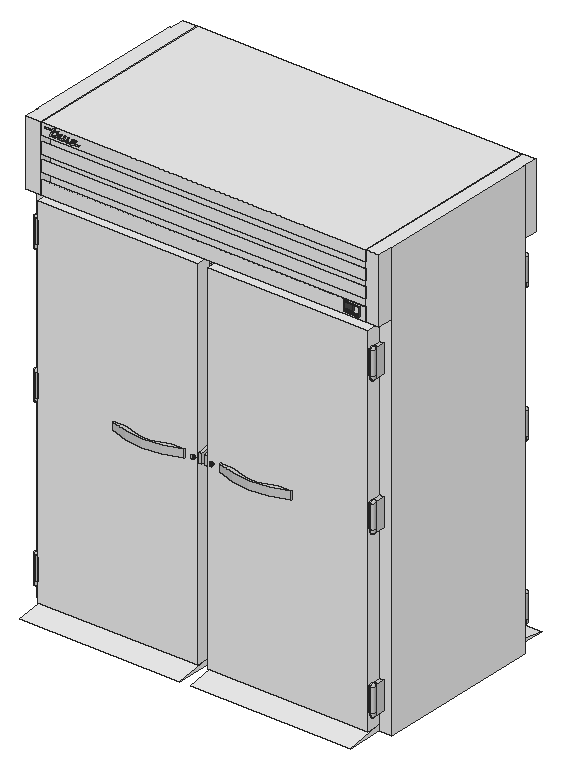
Revit family (continued)
Automatic sketch dimensions
  Extrusion 9 sketch curve to plane 4 "RIGHT" = 6.9933"
  Extrusion 9 sketch curve to Extrusion 9 sketch curve = 1/16"  (x4)
  Extrusion 9 sketch curve to Extrusion 9 sketch curve = 0.1375"  (x3)
  Extrusion 9 sketch curve to Extrusion 9 sketch curve = 1/4"  (x4)
  Extrusion 9 sketch curve to Extrusion 9 sketch curve = 0.44601"
  Extrusion 9 sketch curve to Extrusion 9 sketch curve = 1/2"  (x2)
  Extrusion 9 sketch curve to Extrusion 9 sketch curve = 0.0035"
  Extrusion 9 sketch curve to Extrusion 9 sketch curve = 1.06923"
  plane 11 to Extrusion 9 sketch curve = 1.74114"
  Extrusion 9 sketch curve to Extrusion 9 sketch curve = 0.26876"  (x2)
  Extrusion 9 sketch curve to Extrusion 9 sketch curve = 0"  (x2)
  Extrusion 9 sketch curve to Extrusion 9 sketch curve = 0.34106"
  Extrusion 9 sketch curve to Extrusion 9 sketch curve = 1"
  Extrusion 10 sketch curve to plane 4 "RIGHT" = 3 1/4"
  Extrusion 10 sketch curve to plane 6 "TOP" = 2 1/8"
  Blend 11 sketch curve to plane 9 = 1"
  Blend 11 sketch curve to plane 9 = 1/4"
  Blend 11 sketch curve to plane 11 = 32.41456"
  Blend 11 sketch curve to Blend 11 sketch curve = 1 3/4"
  plane 9 to Blend 11 sketch curve = 1"
  plane 9 to Blend 11 sketch curve = 0.06777"
  plane 11 to Blend 11 sketch curve = 34.76215"
  Blend 11 sketch curve to Blend 11 sketch curve = 2.78233"
  Extrusion 12 sketch curve to plane 5 "FRONT" = 1/2"
  Extrusion 12 sketch curve to Extrusion 12 sketch curve = 0.43503"
  Extrusion 12 sketch curve to Extrusion 12 sketch curve = 0.20453"
  Extrusion 12 sketch curve to Extrusion 12 sketch curve = 1.61044"
  Extrusion 12 sketch curve to plane 11 = 2.97896"
  Extrusion 12 sketch curve to Extrusion 12 sketch curve = 4.39928"
  Extrusion 12 sketch curve to Extrusion 12 sketch curve = 0.71221"
  Revolve 13 sketch curve to plane 5 "FRONT" = 0.07771"  (x2)
  Revolve 13 sketch curve to Revolve 13 sketch curve = 0.38242"
  Revolve 13 sketch curve to Revolve 13 sketch curve = 0.38436"
  Revolve 13 sketch curve to plane 5 "FRONT" = 31/64"
  Revolve 13 sketch curve to Revolve 13 sketch curve = 0.40666"
  Revolve 13 sketch curve to Revolve 13 sketch curve = 0"
  Revolve 13 sketch curve to plane 11 = 2.16117"
  Revolve 13 sketch curve to Revolve 13 sketch curve = 0.55526"
  Revolve 13 sketch curve to Revolve 13 sketch curve = 0.19474"
  Revolve 13 sketch curve to Revolve 13 sketch curve = 0.14649"
  Revolve 13 sketch curve to Revolve 13 sketch curve = 4.42889"
  Revolve 13 sketch curve to Revolve 13 sketch curve = 0.05342"
  Revolve 13 sketch curve to Revolve 13 sketch curve = 0.51246"
  Revolve 13 sketch curve to Revolve 13 sketch curve = 0.05889"
  Extrusion 14 sketch curve to plane 4 "RIGHT" = 1.91491"
  Extrusion 14 sketch curve to Extrusion 14 sketch curve = 0.39759"
  Extrusion 14 sketch curve to plane 11 = 3.05655"
  Extrusion 14 sketch curve to Extrusion 14 sketch curve = 4.47281"
  Extrusion 15 sketch curve to plane 5 "FRONT" = 1/2"
  Extrusion 15 sketch curve to Extrusion 15 sketch curve = 0.43503"
  Extrusion 15 sketch curve to Extrusion 15 sketch curve = 0.20453"
  Extrusion 15 sketch curve to Extrusion 15 sketch curve = 1.61044"
  Extrusion 15 sketch curve to plane 11 = 29.35396"
  Extrusion 15 sketch curve to Extrusion 15 sketch curve = 4.39928"
  Extrusion 15 sketch curve to Extrusion 15 sketch curve = 0.71221"
  Revolve 16 sketch curve to plane 5 "FRONT" = 0.07771"  (x2)
  Revolve 16 sketch curve to Revolve 16 sketch curve = 0.38242"
  Revolve 16 sketch curve to Revolve 16 sketch curve = 0.38436"
  Revolve 16 sketch curve to plane 5 "FRONT" = 31/64"
  Revolve 16 sketch curve to Revolve 16 sketch curve = 0.40666"
  Revolve 16 sketch curve to Revolve 16 sketch curve = 0"
  Revolve 16 sketch curve to plane 11 = 28.53617"
  Revolve 16 sketch curve to Revolve 16 sketch curve = 0.55526"
  Revolve 16 sketch curve to Revolve 16 sketch curve = 0.19474"
  Revolve 16 sketch curve to Revolve 16 sketch curve = 0.14649"
  Revolve 16 sketch curve to Revolve 16 sketch curve = 4.42889"
  Revolve 16 sketch curve to Revolve 16 sketch curve = 0.05342"
  Revolve 16 sketch curve to Revolve 16 sketch curve = 0.51246"
  Revolve 16 sketch curve to Revolve 16 sketch curve = 0.05889"
  Extrusion 17 sketch curve to plane 4 "RIGHT" = 1.91491"
  Extrusion 17 sketch curve to Extrusion 17 sketch curve = 0.39759"
  Extrusion 17 sketch curve to plane 11 = 29.43155"
  Extrusion 17 sketch curve to Extrusion 17 sketch curve = 4.47281"
  Extrusion 18 sketch curve to plane 5 "FRONT" = 1/2"
  Extrusion 18 sketch curve to Extrusion 18 sketch curve = 0.43503"
  Extrusion 18 sketch curve to Extrusion 18 sketch curve = 0.20453"
  Extrusion 18 sketch curve to Extrusion 18 sketch curve = 1.61044"
  level to Extrusion 18 sketch curve = 9.05229"
  Extrusion 18 sketch curve to Extrusion 18 sketch curve = 4.39928"
  Extrusion 18 sketch curve to Extrusion 18 sketch curve = 0.71221"
  Revolve 19 sketch curve to plane 5 "FRONT" = 0.07771"  (x2)
  Revolve 19 sketch curve to Revolve 19 sketch curve = 0.38242"
  Revolve 19 sketch curve to Revolve 19 sketch curve = 0.38436"
  Revolve 19 sketch curve to plane 5 "FRONT" = 31/64"
  Revolve 19 sketch curve to Revolve 19 sketch curve = 0.40666"
  Revolve 19 sketch curve to Revolve 19 sketch curve = 0"
  level to Revolve 19 sketch curve = 9.87008"
  Revolve 19 sketch curve to Revolve 19 sketch curve = 0.55526"
  Revolve 19 sketch curve to Revolve 19 sketch curve = 0.19474"
  Revolve 19 sketch curve to Revolve 19 sketch curve = 0.14649"
  Revolve 19 sketch curve to Revolve 19 sketch curve = 4.42889"
  Revolve 19 sketch curve to Revolve 19 sketch curve = 0.05342"
  Revolve 19 sketch curve to Revolve 19 sketch curve = 0.51246"
  Revolve 19 sketch curve to Revolve 19 sketch curve = 0.05889"
  Extrusion 20 sketch curve to plane 4 "RIGHT" = 1.91491"
  Extrusion 20 sketch curve to Extrusion 20 sketch curve = 0.39759"
  level to Extrusion 20 sketch curve = 8.9747"
  Extrusion 20 sketch curve to Extrusion 20 sketch curve = 4.47281"
  Extrusion 21 sketch curve to level = 0"
  level to Extrusion 21 sketch curve = 1"
  Extrusion 21 sketch curve to plane 5 "FRONT" = 2 3/4"
  plane 5 "FRONT" to Extrusion 21 sketch curve = 4 1/8"
  Extrusion 22 sketch curve to plane 11 = 0"  (x2)
  level to Extrusion 22 sketch curve = 1"  (x2)
  Extrusion 22 sketch curve to plane 4 "RIGHT" = 2 5/16"
  Extrusion 22 sketch curve to plane 9 = 1"
  plane 9 to Extrusion 22 sketch curve = 1"
  Extrusion 22 sketch curve to plane 7 = 17/32"
  plane 9 to Extrusion 23 sketch curve = 1.7609"
  Extrusion 23 sketch curve to Extrusion 23 sketch curve = 0.02035"
  Extrusion 23 sketch curve to Extrusion 23 sketch curve = 0.0555"
  Extrusion 23 sketch curve to plane 11 = 33.0699"
  Extrusion 23 sketch curve to Extrusion 23 sketch curve = 0.27385"
  Extrusion 23 sketch curve to Extrusion 23 sketch curve = 0.29355"
  plane 9 to Blend 24 sketch curve = 1"  (x2)
  plane 9 to Blend 24 sketch curve = 1/4"
  Blend 24 sketch curve to plane 11 = 34.16456"
  Blend 24 sketch curve to Blend 24 sketch curve = 1 3/4"
  plane 9 to Blend 24 sketch curve = 0.06777"
  Blend 24 sketch curve to plane 11 = 34.76215"
  Blend 24 sketch curve to Blend 24 sketch curve = 2.78233"
  Extrusion 25 sketch curve to plane 5 "FRONT" = 1/2"
  Extrusion 25 sketch curve to Extrusion 25 sketch curve = 0.43503"
  Extrusion 25 sketch curve to Extrusion 25 sketch curve = 0.20453"
  Extrusion 25 sketch curve to Extrusion 25 sketch curve = 1.61044"
  Extrusion 25 sketch curve to plane 11 = 8.29498"
  Extrusion 25 sketch curve to Extrusion 25 sketch curve = 0.71221"
  Extrusion 25 sketch curve to plane 11 = 3.18349"
  Revolve 26 sketch curve to plane 5 "FRONT" = 0.07771"  (x2)
  Revolve 26 sketch curve to Revolve 26 sketch curve = 0.38242"
  Revolve 26 sketch curve to Revolve 26 sketch curve = 0.38436"
  Revolve 26 sketch curve to plane 5 "FRONT" = 31/64"
  Revolve 26 sketch curve to Revolve 26 sketch curve = 0.40666"
  Revolve 26 sketch curve to Revolve 26 sketch curve = 0"
  Revolve 26 sketch curve to plane 11 = 8.48344"
  Revolve 26 sketch curve to Revolve 26 sketch curve = 0.32931"
  Revolve 26 sketch curve to Revolve 26 sketch curve = 0.51246"
  Revolve 26 sketch curve to Revolve 26 sketch curve = 0.05342"
  Revolve 26 sketch curve to plane 11 = 3.10046"
  Revolve 26 sketch curve to Revolve 26 sketch curve = 0.04281"
  Revolve 26 sketch curve to Revolve 26 sketch curve = 0.18929"
  Revolve 26 sketch curve to Revolve 26 sketch curve = 0.55526"
  Extrusion 27 sketch curve to plane 7 = 0.92884"
  Extrusion 27 sketch curve to Extrusion 27 sketch curve = 0.39759"
  Extrusion 27 sketch curve to plane 11 = 7.52936"
  Extrusion 27 sketch curve to plane 11 = 3.05655"
  Extrusion 28 sketch curve to plane 5 "FRONT" = 1/2"
  Extrusion 28 sketch curve to Extrusion 28 sketch curve = 0.43503"
  Extrusion 28 sketch curve to Extrusion 28 sketch curve = 0.20453"
  Extrusion 28 sketch curve to Extrusion 28 sketch curve = 1.61044"
  Extrusion 28 sketch curve to plane 11 = 34.66998"
  Extrusion 28 sketch curve to Extrusion 28 sketch curve = 0.71221"
  Extrusion 28 sketch curve to Extrusion 28 sketch curve = 4.39928"
  Revolve 29 sketch curve to plane 5 "FRONT" = 0.07771"  (x2)
  Revolve 29 sketch curve to Revolve 29 sketch curve = 0.38242"
  Revolve 29 sketch curve to Revolve 29 sketch curve = 0.38436"
  Revolve 29 sketch curve to plane 5 "FRONT" = 31/64"
  Revolve 29 sketch curve to Revolve 29 sketch curve = 0.40666"
  Revolve 29 sketch curve to Revolve 29 sketch curve = 0"
  Revolve 29 sketch curve to plane 11 = 34.85844"
  Revolve 29 sketch curve to Revolve 29 sketch curve = 0.32931"
  Revolve 29 sketch curve to Revolve 29 sketch curve = 0.51246"
  Revolve 29 sketch curve to Revolve 29 sketch curve = 0.05342"
  Revolve 29 sketch curve to Revolve 29 sketch curve = 4.42889"
  Revolve 29 sketch curve to Revolve 29 sketch curve = 0.04281"
  Revolve 29 sketch curve to Revolve 29 sketch curve = 0.18929"
  Revolve 29 sketch curve to Revolve 29 sketch curve = 0.55526"
  Extrusion 30 sketch curve to plane 7 = 0.92884"
  Extrusion 30 sketch curve to Extrusion 30 sketch curve = 0.39759"
  Extrusion 30 sketch curve to plane 11 = 33.90436"
  Extrusion 30 sketch curve to Extrusion 30 sketch curve = 4.47281"
  Extrusion 31 sketch curve to plane 5 "FRONT" = 1/2"
  Extrusion 31 sketch curve to Extrusion 31 sketch curve = 0.43503"
  Extrusion 31 sketch curve to Extrusion 31 sketch curve = 0.20453"
  Extrusion 31 sketch curve to Extrusion 31 sketch curve = 1.61044"
  level to Extrusion 31 sketch curve = 3.73627"
  Extrusion 31 sketch curve to Extrusion 31 sketch curve = 0.71221"
  Extrusion 31 sketch curve to Extrusion 31 sketch curve = 4.39928"
  Revolve 32 sketch curve to plane 5 "FRONT" = 0.07771"  (x2)
  Revolve 32 sketch curve to Revolve 32 sketch curve = 0.38242"
  Revolve 32 sketch curve to Revolve 32 sketch curve = 0.38436"
  Revolve 32 sketch curve to plane 5 "FRONT" = 31/64"
  Revolve 32 sketch curve to Revolve 32 sketch curve = 0.40666"
  Revolve 32 sketch curve to Revolve 32 sketch curve = 0"
  level to Revolve 32 sketch curve = 3.54781"
  Revolve 32 sketch curve to Revolve 32 sketch curve = 0.32931"
  Revolve 32 sketch curve to Revolve 32 sketch curve = 0.51246"
  Revolve 32 sketch curve to Revolve 32 sketch curve = 0.05342"
  Revolve 32 sketch curve to Revolve 32 sketch curve = 4.42889"
  Revolve 32 sketch curve to Revolve 32 sketch curve = 0.04281"
  Revolve 32 sketch curve to Revolve 32 sketch curve = 0.18929"
  Revolve 32 sketch curve to Revolve 32 sketch curve = 0.55526"
  Extrusion 33 sketch curve to plane 7 = 0.92884"
  Extrusion 33 sketch curve to Extrusion 33 sketch curve = 0.39759"
  level to Extrusion 33 sketch curve = 4.50189"
  Extrusion 33 sketch curve to Extrusion 33 sketch curve = 4.47281"
  Extrusion 34 sketch curve to Extrusion 22 = 0"  (x2)
  Extrusion 22 to Extrusion 34 sketch curve = 1"
  Extrusion 34 sketch curve to Extrusion 22 = 4 1/8"
  Extrusion 35 sketch curve to Extrusion 22 = 0"  (x3)
  Extrusion 22 to Extrusion 35 sketch curve = 0"
  Extrusion 22 to Extrusion 35 sketch curve = 30 11/16"
  Extrusion 22 to Extrusion 35 sketch curve = 2"
  Extrusion 36 sketch curve to plane 11 = 0"
  Extrusion 36 sketch curve to plane 9 = 1"
  level to Extrusion 36 sketch curve = 1"
  Extrusion 37 sketch curve to plane 1 "BACK" = 0"  (x2)
  Extrusion 37 sketch curve to plane 4 "RIGHT" = 16.93125"
  Extrusion 37 sketch curve to Extrusion 37 sketch curve = 2.4"  (x2)
  Extrusion 37 sketch curve to plane 9 = 10.26875"
  Extrusion 37 sketch curve to Extrusion 37 sketch curve = 0"
  Extrusion 37 sketch curve to plane 1 "BACK" = 0.2"
  plane 1 "BACK" to Extrusion 37 sketch curve = 7.77899"
  Extrusion 37 sketch curve to Extrusion 37 sketch curve = 7.30945"
  Extrusion 38 sketch curve to plane 9 = 1.7609"
  Extrusion 38 sketch curve to Extrusion 38 sketch curve = 0.02035"
  Extrusion 38 sketch curve to Extrusion 38 sketch curve = 0.0555"
  Extrusion 38 sketch curve to plane 11 = 33.0699"
  Extrusion 38 sketch curve to Extrusion 38 sketch curve = 0.27385"
  Extrusion 38 sketch curve to Extrusion 38 sketch curve = 0.29355"
  Blend 39 sketch curve to plane 9 = 1"  (x2)
  Blend 39 sketch curve to plane 9 = 1/4"
  Blend 39 sketch curve to plane 11 = 34.16456"
  Blend 39 sketch curve to Blend 39 sketch curve = 1 3/4"
  Blend 39 sketch curve to plane 9 = 0.06777"
  Blend 39 sketch curve to plane 11 = 34.76215"
  Blend 39 sketch curve to Blend 39 sketch curve = 2.78233"
  plane 1 "BACK" to Extrusion 40 sketch curve = 1/2"
  Extrusion 40 sketch curve to Extrusion 40 sketch curve = 0.43503"
  Extrusion 40 sketch curve to Extrusion 40 sketch curve = 0.20453"
  Extrusion 40 sketch curve to Extrusion 40 sketch curve = 1.61044"
  Extrusion 40 sketch curve to plane 11 = 8.29498"
  Extrusion 40 sketch curve to Extrusion 40 sketch curve = 0.71221"
  Extrusion 40 sketch curve to plane 11 = 3.18349"
  plane 1 "BACK" to Revolve 41 sketch curve = 0.07771"  (x2)
  Revolve 41 sketch curve to Revolve 41 sketch curve = 0.38242"
  Revolve 41 sketch curve to Revolve 41 sketch curve = 0.38436"
  plane 1 "BACK" to Revolve 41 sketch curve = 31/64"
  Revolve 41 sketch curve to Revolve 41 sketch curve = 0.40666"
  Revolve 41 sketch curve to Revolve 41 sketch curve = 0"
  Revolve 41 sketch curve to plane 11 = 8.48344"
  Revolve 41 sketch curve to Revolve 41 sketch curve = 0.32931"
  Revolve 41 sketch curve to Revolve 41 sketch curve = 0.51246"
  Revolve 41 sketch curve to Revolve 41 sketch curve = 0.05342"
  Revolve 41 sketch curve to plane 11 = 3.10046"
  Revolve 41 sketch curve to Revolve 41 sketch curve = 0.04281"
  Revolve 41 sketch curve to Revolve 41 sketch curve = 0.18929"
  Revolve 41 sketch curve to Revolve 41 sketch curve = 0.55526"
  Extrusion 42 sketch curve to plane 4 "RIGHT" = 1.91491"
  Extrusion 42 sketch curve to Extrusion 42 sketch curve = 0.39759"
  Extrusion 42 sketch curve to plane 11 = 7.52936"
  Extrusion 42 sketch curve to plane 11 = 3.05655"
  plane 1 "BACK" to Extrusion 43 sketch curve = 1/2"
  Extrusion 43 sketch curve to Extrusion 43 sketch curve = 0.43503"
  Extrusion 43 sketch curve to Extrusion 43 sketch curve = 0.20453"
  Extrusion 43 sketch curve to Extrusion 43 sketch curve = 1.61044"
  Extrusion 43 sketch curve to plane 11 = 34.66998"
  Extrusion 43 sketch curve to Extrusion 43 sketch curve = 0.71221"
  Extrusion 43 sketch curve to Extrusion 43 sketch curve = 4.39928"
  plane 1 "BACK" to Revolve 44 sketch curve = 0.07771"  (x2)
  Revolve 44 sketch curve to Revolve 44 sketch curve = 0.38242"
  Revolve 44 sketch curve to Revolve 44 sketch curve = 0.38436"
  plane 1 "BACK" to Revolve 44 sketch curve = 31/64"
  Revolve 44 sketch curve to Revolve 44 sketch curve = 0.40666"
  Revolve 44 sketch curve to Revolve 44 sketch curve = 0"
  Revolve 44 sketch curve to plane 11 = 34.85844"
  Revolve 44 sketch curve to Revolve 44 sketch curve = 0.32931"
  Revolve 44 sketch curve to Revolve 44 sketch curve = 0.51246"
  Revolve 44 sketch curve to Revolve 44 sketch curve = 0.05342"
  Revolve 44 sketch curve to Revolve 44 sketch curve = 4.42889"
  Revolve 44 sketch curve to Revolve 44 sketch curve = 0.04281"
  Revolve 44 sketch curve to Revolve 44 sketch curve = 0.18929"
  Revolve 44 sketch curve to Revolve 44 sketch curve = 0.55526"
  Extrusion 45 sketch curve to plane 4 "RIGHT" = 1.91491"
  Extrusion 45 sketch curve to Extrusion 45 sketch curve = 0.39759"
  Extrusion 45 sketch curve to plane 11 = 33.90436"
  Extrusion 45 sketch curve to Extrusion 45 sketch curve = 4.47281"
  plane 1 "BACK" to Extrusion 46 sketch curve = 1/2"
  Extrusion 46 sketch curve to Extrusion 46 sketch curve = 0.43503"
  Extrusion 46 sketch curve to Extrusion 46 sketch curve = 0.20453"
  Extrusion 46 sketch curve to Extrusion 46 sketch curve = 1.61044"
  level to Extrusion 46 sketch curve = 3.73627"
  Extrusion 46 sketch curve to Extrusion 46 sketch curve = 0.71221"
  Extrusion 46 sketch curve to Extrusion 46 sketch curve = 4.39928"
  plane 1 "BACK" to Revolve 47 sketch curve = 0.07771"  (x2)
  Revolve 47 sketch curve to Revolve 47 sketch curve = 0.38242"
  Revolve 47 sketch curve to Revolve 47 sketch curve = 0.38436"
  plane 1 "BACK" to Revolve 47 sketch curve = 31/64"
  Revolve 47 sketch curve to Revolve 47 sketch curve = 0.40666"
  Revolve 47 sketch curve to Revolve 47 sketch curve = 0"
  level to Revolve 47 sketch curve = 3.54781"
  Revolve 47 sketch curve to Revolve 47 sketch curve = 0.32931"
  Revolve 47 sketch curve to Revolve 47 sketch curve = 0.51246"
  Revolve 47 sketch curve to Revolve 47 sketch curve = 0.05342"
  Revolve 47 sketch curve to Revolve 47 sketch curve = 4.42889"
  Revolve 47 sketch curve to Revolve 47 sketch curve = 0.04281"
  Revolve 47 sketch curve to Revolve 47 sketch curve = 0.18929"
  Revolve 47 sketch curve to Revolve 47 sketch curve = 0.55526"
  Extrusion 48 sketch curve to plane 4 "RIGHT" = 1.91491"
  Extrusion 48 sketch curve to Extrusion 48 sketch curve = 0.39759"
  level to Extrusion 48 sketch curve = 4.50189"
  Extrusion 48 sketch curve to Extrusion 48 sketch curve = 4.47281"
  Extrusion 49 sketch curve to Extrusion 36 = 0"  (x2)
  Extrusion 36 to Extrusion 49 sketch curve = 1"
  Extrusion 49 sketch curve to Extrusion 36 = 4 1/8"
  Extrusion 50 sketch curve to plane 11 = 0"
  plane 9 to Extrusion 50 sketch curve = 1"
  level to Extrusion 50 sketch curve = 1"
  Extrusion 51 sketch curve to plane 1 "BACK" = 0"  (x2)
  plane 9 to Extrusion 51 sketch curve = 3 15/32"
  Extrusion 51 sketch curve to Extrusion 51 sketch curve = 2.4"  (x2)
  Extrusion 51 sketch curve to Extrusion 51 sketch curve = 4.4"
  Extrusion 51 sketch curve to Extrusion 51 sketch curve = 0"
  Extrusion 51 sketch curve to Extrusion 51 sketch curve = 0.2"
  plane 1 "BACK" to Extrusion 51 sketch curve = 7.77899"
  Extrusion 51 sketch curve to Extrusion 51 sketch curve = 7.30945"
  plane 9 to Extrusion 52 sketch curve = 1.7609"
  Extrusion 52 sketch curve to Extrusion 52 sketch curve = 0.02035"
  Extrusion 52 sketch curve to Extrusion 52 sketch curve = 0.0555"
  Extrusion 52 sketch curve to plane 11 = 33.6373"
  Extrusion 52 sketch curve to Extrusion 52 sketch curve = 0.29355"
  Extrusion 52 sketch curve to Extrusion 52 sketch curve = 0.27385"
  plane 9 to Blend 53 sketch curve = 1"  (x2)
  plane 9 to Blend 53 sketch curve = 1/4"
  Blend 53 sketch curve to plane 11 = 32.41456"
  Blend 53 sketch curve to Blend 53 sketch curve = 1 3/4"
  plane 9 to Blend 53 sketch curve = 0.06777"
  Blend 53 sketch curve to plane 11 = 31.97982"
  Blend 53 sketch curve to Blend 53 sketch curve = 2.78233"
  plane 1 "BACK" to Extrusion 54 sketch curve = 1/2"
  Extrusion 54 sketch curve to Extrusion 54 sketch curve = 0.43503"
  Extrusion 54 sketch curve to Extrusion 54 sketch curve = 0.20453"
  Extrusion 54 sketch curve to Extrusion 54 sketch curve = 1.61044"
  Extrusion 54 sketch curve to plane 11 = 2.97896"
  Extrusion 54 sketch curve to Extrusion 54 sketch curve = 4.39928"
  Extrusion 54 sketch curve to Extrusion 54 sketch curve = 0.71221"
  plane 1 "BACK" to Revolve 55 sketch curve = 0.07771"  (x2)
  Revolve 55 sketch curve to Revolve 55 sketch curve = 0.38242"
  Revolve 55 sketch curve to Revolve 55 sketch curve = 0.38436"
  plane 1 "BACK" to Revolve 55 sketch curve = 31/64"
  Revolve 55 sketch curve to Revolve 55 sketch curve = 0.40666"
  Revolve 55 sketch curve to Revolve 55 sketch curve = 0"
  Revolve 55 sketch curve to plane 11 = 2.16117"
  Revolve 55 sketch curve to Revolve 55 sketch curve = 0.55526"
  Revolve 55 sketch curve to Revolve 55 sketch curve = 0.19474"
  Revolve 55 sketch curve to Revolve 55 sketch curve = 0.14649"
  Revolve 55 sketch curve to Revolve 55 sketch curve = 4.42889"
  Revolve 55 sketch curve to Revolve 55 sketch curve = 0.05342"
  Revolve 55 sketch curve to Revolve 55 sketch curve = 0.51246"
  Revolve 55 sketch curve to Revolve 55 sketch curve = 0.05889"
  Extrusion 56 sketch curve to plane 7 = 0.92884"
  Extrusion 56 sketch curve to Extrusion 56 sketch curve = 0.39759"
  Extrusion 56 sketch curve to plane 11 = 3.05655"
  Extrusion 56 sketch curve to Extrusion 56 sketch curve = 4.47281"
  plane 1 "BACK" to Extrusion 57 sketch curve = 1/2"
  Extrusion 57 sketch curve to Extrusion 57 sketch curve = 0.43503"
  Extrusion 57 sketch curve to Extrusion 57 sketch curve = 0.20453"
  Extrusion 57 sketch curve to Extrusion 57 sketch curve = 1.61044"
  Extrusion 57 sketch curve to plane 11 = 29.35396"
  Extrusion 57 sketch curve to Extrusion 57 sketch curve = 4.39928"
  Extrusion 57 sketch curve to Extrusion 57 sketch curve = 0.71221"
  plane 1 "BACK" to Revolve 58 sketch curve = 0.07771"  (x2)
  Revolve 58 sketch curve to Revolve 58 sketch curve = 0.38242"
  Revolve 58 sketch curve to Revolve 58 sketch curve = 0.38436"
  plane 1 "BACK" to Revolve 58 sketch curve = 31/64"
  Revolve 58 sketch curve to Revolve 58 sketch curve = 0.40666"
  Revolve 58 sketch curve to Revolve 58 sketch curve = 0"
  Revolve 58 sketch curve to plane 11 = 28.53617"
  Revolve 58 sketch curve to Revolve 58 sketch curve = 0.55526"
  Revolve 58 sketch curve to Revolve 58 sketch curve = 0.19474"
  Revolve 58 sketch curve to Revolve 58 sketch curve = 0.14649"
  Revolve 58 sketch curve to Revolve 58 sketch curve = 4.42889"
  Revolve 58 sketch curve to Revolve 58 sketch curve = 0.05342"
  Revolve 58 sketch curve to Revolve 58 sketch curve = 0.51246"
  Revolve 58 sketch curve to Revolve 58 sketch curve = 0.05889"
  Extrusion 59 sketch curve to plane 7 = 0.92884"
  Extrusion 59 sketch curve to Extrusion 59 sketch curve = 0.39759"
  Extrusion 59 sketch curve to plane 11 = 29.43155"
  Extrusion 59 sketch curve to Extrusion 59 sketch curve = 4.47281"
  plane 1 "BACK" to Extrusion 60 sketch curve = 1/2"
  Extrusion 60 sketch curve to Extrusion 60 sketch curve = 0.43503"
  Extrusion 60 sketch curve to Extrusion 60 sketch curve = 0.20453"
  Extrusion 60 sketch curve to Extrusion 60 sketch curve = 1.61044"
  level to Extrusion 60 sketch curve = 9.05229"
  Extrusion 60 sketch curve to Extrusion 60 sketch curve = 4.39928"
  Extrusion 60 sketch curve to Extrusion 60 sketch curve = 0.71221"
  plane 1 "BACK" to Revolve 61 sketch curve = 0.07771"  (x2)
  Revolve 61 sketch curve to Revolve 61 sketch curve = 0.38242"
  Revolve 61 sketch curve to Revolve 61 sketch curve = 0.38436"
  plane 1 "BACK" to Revolve 61 sketch curve = 31/64"
  Revolve 61 sketch curve to Revolve 61 sketch curve = 0.40666"
  Revolve 61 sketch curve to Revolve 61 sketch curve = 0"
  level to Revolve 61 sketch curve = 9.87008"
  Revolve 61 sketch curve to Revolve 61 sketch curve = 0.55526"
  Revolve 61 sketch curve to Revolve 61 sketch curve = 0.19474"
  Revolve 61 sketch curve to Revolve 61 sketch curve = 0.14649"
  Revolve 61 sketch curve to Revolve 61 sketch curve = 4.42889"
  Revolve 61 sketch curve to Revolve 61 sketch curve = 0.05342"
  Revolve 61 sketch curve to Revolve 61 sketch curve = 0.51246"
  Revolve 61 sketch curve to Revolve 61 sketch curve = 0.05889"
  Extrusion 62 sketch curve to plane 7 = 0.92884"
  Extrusion 62 sketch curve to Extrusion 62 sketch curve = 0.39759"
  level to Extrusion 62 sketch curve = 8.9747"
  Extrusion 62 sketch curve to Extrusion 62 sketch curve = 4.47281"
  Extrusion 63 sketch curve to Extrusion 50 = 0"
  Extrusion 50 to Extrusion 63 sketch curve = 0"
  Extrusion 50 to Extrusion 63 sketch curve = 1"
  Extrusion 63 sketch curve to Extrusion 50 = 4 1/8"
  Extrusion 64 sketch curve to Extrusion 50 = 0"  (x3)
  Extrusion 50 to Extrusion 64 sketch curve = 0"
  Extrusion 50 to Extrusion 64 sketch curve = 30 11/16"
  Extrusion 50 to Extrusion 64 sketch curve = 2"
  Extrusion 3 to Extrusion 65 sketch curve = 0"  (x2)
  Extrusion 65 sketch curve to Extrusion 3 = 1"
  Extrusion 65 sketch curve to Extrusion 65 sketch curve = 1"
  Extrusion 3 to Extrusion 65 sketch curve = 29.3"  (x2)
  Extrusion 65 sketch curve to Extrusion 65 sketch curve = 4"  (x2)
  plane 5 "FRONT" to Extrusion 66 sketch curve = 0"  (x2)
  Extrusion 66 sketch curve to plane 9 = 3 15/32"
  Extrusion 66 sketch curve to Extrusion 66 sketch curve = 2.4"  (x2)
  Extrusion 66 sketch curve to Extrusion 66 sketch curve = 4.4"
  Extrusion 66 sketch curve to Extrusion 66 sketch curve = 0"
  Extrusion 66 sketch curve to Extrusion 66 sketch curve = 0.2"
  Extrusion 66 sketch curve to plane 5 "FRONT" = 7.77899"
  Extrusion 66 sketch curve to Extrusion 66 sketch curve = 7.30945"
  plane 5 "FRONT" to Extrusion 67 sketch curve = 0"  (x2)
  plane 7 to Extrusion 67 sketch curve = 14.0875"
  Extrusion 67 sketch curve to Extrusion 67 sketch curve = 2.4"  (x2)
  plane 9 to Extrusion 67 sketch curve = 10.26875"
  Extrusion 67 sketch curve to Extrusion 67 sketch curve = 0"
  plane 5 "FRONT" to Extrusion 67 sketch curve = 0.2"
  Extrusion 67 sketch curve to plane 5 "FRONT" = 7.77899"
  Extrusion 67 sketch curve to Extrusion 67 sketch curve = 7.30945"
  radius of Extrusion 6 sketch curve = 0.35"
  radius of Extrusion 10 sketch curve = 1/4"
  radius of Extrusion 23 sketch curve = 0.35"
  radius of Extrusion 38 sketch curve = 0.35"
  radius of Extrusion 52 sketch curve = 0.35"
Connectors (in)
  electrical at (64.75, -0.0625, 81.625), driven by "Volts", driven by "Watts"
    settings: on Extrusion 10, index 1, voltage 115 V, apparent load 1092.5 VA, apparent load phase1 0 VA, apparent load phase2 0 VA, apparent load phase3 0 VA, power factor 1, load classification "Other", number of poles 1, system type 30, power factor state 1, is connector primary yes, connector utility no, sub classification motor no, connector description "Electrical Connection"
